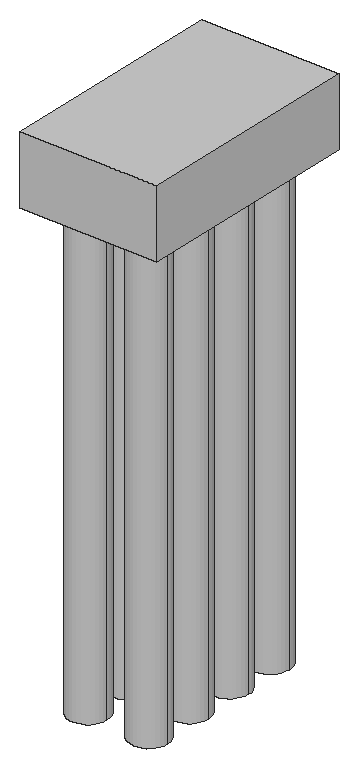
Revit family "桩基承台-8 根桩", category 结构基础, Revit 2016
Family settings
  用于模型行为的材质 = 混凝土
  管帽 = 否
  基于工作平面 = 否
  总是垂直 = 是
  加载时剪切的空心 = 否
  共享 = 否
Parameters (values of type "3000 x 1800 x 900mm")
  桩长度 [instance] = 6000 mm
  桩材质 [instance] = 混凝土 - 现场浇注混凝土
  厚度 = 900 mm
  宽度 = 1800 mm
  Structural Material [instance] = 混凝土 - 现场浇注混凝土
  桩类型 = 桩-混凝土圆形桩 : 500mm 直径
  长度 = 3000 mm
  桩嵌固 = 150 mm
  桩边距 = 500 mm
  部件代码 = "A1010130"
Reference planes
  plane 1 "中心(前/后)": y = 0
  plane 2: z = 0
  plane 3 "中心(左/右)": x = 0
  plane 4: x = -900
  plane 5: x = 900
  plane 6: y = 1500
  plane 7: y = -1500
  plane 8: z = -900
  plane 9: x = -400
  plane 10: x = 400
  plane 11: y = 1000
  plane 12: y = -1000
  plane 13: z = -750
  plane 14: y = 333.333
  plane 15: y = -333.333
Forms (mm)
  Extrusion 1, solid, material "混凝土 - 现场浇注混凝土" <- "Structural Material"
    sketch origin (0, 0, 0) x (1, 0, 0) y (0, 1, 0)
      loop
        line (-900, 1500) -> (-900, -1500) -> (900, -1500) -> (900, 1500) -> (-900, 1500)
    from -900 to 0
Dimensions and locks
  "宽度": plane 4 to plane 5
  "长度": plane 6 to plane 7
  equal spacing: plane 6, plane 1 "中心(前/后)", plane 7
  equal spacing: plane 4, plane 3 "中心(左/右)", plane 5
  "厚度": plane 2 to plane 8
  "桩边距": plane 4 to plane 9
  "桩边距": plane 10 to plane 5
  "桩边距": plane 6 to plane 11
  "桩边距": plane 7 to plane 12
  "桩嵌固": plane 13 to plane 8
  equal spacing: plane 12, plane 15, plane 14, plane 11
  aligned and locked: plane 4 to Extrusion 1 sketch curve
  aligned and locked: Extrusion 1 sketch curve to plane 5
  aligned and locked: Extrusion 1 sketch curve to plane 6
  aligned and locked: plane 7 to Extrusion 1 sketch curve
  aligned and locked: level to Extrusion 1
  aligned and locked: Extrusion 1 to plane 8
  aligned and locked: nested 2 to plane 9
  aligned and locked: plane 11 to nested 2
  aligned and locked: plane 11 to nested 1
  aligned and locked: plane 10 to nested 1
  aligned and locked: nested 2 to plane 13
  aligned and locked: nested 1 to plane 13
  aligned and locked: plane 10 to nested 4
  aligned and locked: plane 12 to nested 4
  aligned and locked: plane 12 to nested 3
  aligned and locked: nested 3 to plane 9
  aligned and locked: nested 4 to plane 13
  aligned and locked: nested 3 to plane 13
  aligned and locked: plane 8 to nested 3
  aligned and locked: plane 8 to nested 4
  aligned and locked: nested 5 to plane 14
  aligned and locked: nested 5 to plane 9
  aligned and locked: nested 6 to plane 14
  aligned and locked: plane 10 to nested 6
  aligned and locked: nested 7 to plane 15
  aligned and locked: nested 7 to plane 9
  aligned and locked: nested 8 to plane 15
  aligned and locked: plane 10 to nested 8
  aligned and locked: nested 8 to plane 13
  aligned and locked: plane 8 to nested 8
  aligned and locked: nested 6 to plane 13
  aligned and locked: plane 8 to nested 6
  aligned and locked: nested 7 to plane 13
  aligned and locked: plane 8 to nested 7
  aligned and locked: nested 5 to plane 13
  aligned and locked: plane 8 to nested 5
Nested families
  nested 1: "桩-混凝土圆形桩" at (400, 1000, -900), type <- "桩类型", 桩长度 <- "桩长度", Structural Material <- "桩材质", type "500mm 直径"
    with Structural Material 混凝土 - 现场浇注混凝土, 桩长度 6000 mm, 最小预埋件 150 mm
  nested 2: "桩-混凝土圆形桩" at (-400, 1000, -900), type <- "桩类型", 桩长度 <- "桩长度", Structural Material <- "桩材质", type "500mm 直径"
    with Structural Material 混凝土 - 现场浇注混凝土, 桩长度 6000 mm, 最小预埋件 150 mm
  nested 3: "桩-混凝土圆形桩" at (-400, -1000, -900), 桩长度 <- "桩长度", type <- "桩类型", Structural Material <- "桩材质", type "500mm 直径"
    with Structural Material 混凝土 - 现场浇注混凝土, 桩长度 6000 mm, 最小预埋件 150 mm
  nested 4: "桩-混凝土圆形桩" at (400, -1000, -900), 桩长度 <- "桩长度", type <- "桩类型", Structural Material <- "桩材质", type "500mm 直径"
    with Structural Material 混凝土 - 现场浇注混凝土, 桩长度 6000 mm, 最小预埋件 150 mm
  nested 5: "桩-混凝土圆形桩" at (-400, 333.333, -900), 桩长度 <- "桩长度", type <- "桩类型", Structural Material <- "桩材质", type "500mm 直径"
    with Structural Material 混凝土 - 现场浇注混凝土, 桩长度 6000 mm, 最小预埋件 150 mm
  nested 6: "桩-混凝土圆形桩" at (400, 333.333, -900), 桩长度 <- "桩长度", type <- "桩类型", Structural Material <- "桩材质", type "500mm 直径"
    with Structural Material 混凝土 - 现场浇注混凝土, 桩长度 6000 mm, 最小预埋件 150 mm
  nested 7: "桩-混凝土圆形桩" at (-400, -333.333, -900), 桩长度 <- "桩长度", type <- "桩类型", Structural Material <- "桩材质", type "500mm 直径"
    with Structural Material 混凝土 - 现场浇注混凝土, 桩长度 6000 mm, 最小预埋件 150 mm
  nested 8: "桩-混凝土圆形桩" at (400, -333.333, -900), 桩长度 <- "桩长度", type <- "桩类型", Structural Material <- "桩材质", type "500mm 直径"
    with Structural Material 混凝土 - 现场浇注混凝土, 桩长度 6000 mm, 最小预埋件 150 mm
Definition of nested family "桩-混凝土圆形桩"
  Parameters (values of type "300mm 直径")
    Structural Material [instance] = none
    半径 = Diameter / 2  # 150 mm
    桩长度 [instance] = 6000 mm
    最小预埋件 [instance] = 100 mm
    Diameter = 300 mm
    Assembly Code = ""
  Types (5, lengths in mm): name | 半径 | 最小预埋件 | Diameter
    (no name) | 150 | 100 | 300
    300mm 直径 | 150 | 100 | 300
    600mm 直径 | 300 | 152 | 600
    400mm 直径 | 200 | 150 | 400
    500mm 直径 | 250 | 150 | 500
  Reference planes
    plane 1 "中心(前/后)": y = 0
    plane 2: z = 0
    plane 3 "中心(左/右)": x = 0
    plane 4: z = -6000
    plane 5: z = 100
  Forms (mm)
    Extrusion 1, solid, material <- "Structural Material"
      sketch origin (0, 0, 0) x (1, 0, 0) y (0, 1, 0)
        loop
          circle (0, 0) r 150
      from -6000 to 100
  Dimensions and locks
    "桩长度": plane 2 to plane 4
    "最小预埋件": plane 5 to plane 2
    "半径": radius of Extrusion 1 sketch curve
    aligned and locked: Extrusion 1 to plane 4
    aligned and locked: Extrusion 1 to plane 5
  Automatic sketch dimensions
    Extrusion 1 sketch curve to plane 1 "中心(前/后)" = 0 mm
    Extrusion 1 sketch curve to plane 3 "中心(左/右)" = 0 mm
